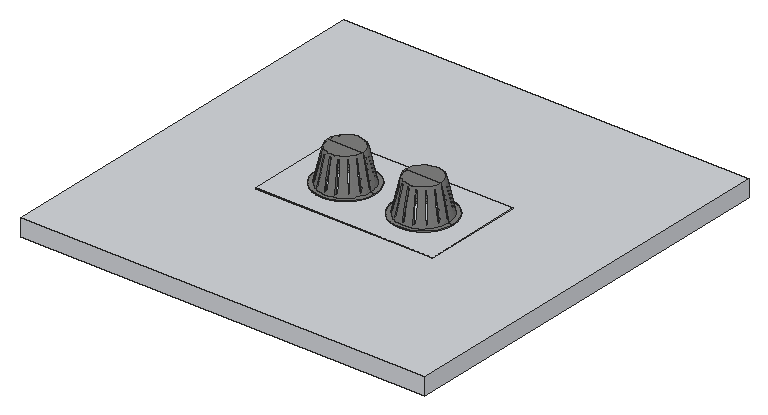
Revit family
Parameters (values of type "3"")
  URL = "WWW.MIFAB.COM"
  Top Diameter = 14.125"
  Roof Drain = Roof Drain
  R1 = 5.000"
  Pipe Radius = 1.500"
  Pipe Diameter = Pipe Radius * 2  # 3.000"
  PCD = 18.500"
  Model = "R1270-SR"
  Manufacturer = "MIFAB"
  H3 = Body Height / 3.375  # 1.81481"
  H2 = Body Height / 1.99  # 3.07789"
  H1 = Body Height / 1.53  # 4.00327"
  Description = "COMBINED LARGE SUMP ROOF DRAIN AND SECONDARY OVERFLOW DRAIN"
  Default Elevation = 48.000"
  Body Height = 6.125"
Types (7): name | Pipe Radius | Pipe Diameter | H3 | H2 | H1 | Body Height
  (no name) | 1.500" | 3.000" | 1.81481" | 3.07789" | 4.00327" | 6.125"
  4" | 2.000" | 4.000" | 1.81481" | 3.07789" | 4.00327" | 6.125"
  2" | 1.000" | 2.000" | 1.81481" | 3.07789" | 4.00327" | 6.125"
  3" | 1.500" | 3.000" | 1.81481" | 3.07789" | 4.00327" | 6.125"
  5" | 2.500" | 5.000" | 1.81481" | 3.07789" | 4.00327" | 6.125"
  6" | 3.000" | 6.000" | 2.37037" | 4.0201" | 5.22876" | 8.000"
  8" | 4.000" | 8.000" | 2.37037" | 4.0201" | 5.22876" | 8.000"
Reference planes (in)
  plane 1 "Center (Front/Back)": y = 0
  plane 2: z = 0
  plane 3 "Center (Left/Right)": x = 0
  plane 4: z = -6.125
  plane 5: z = 0.11811
  plane 6: x = -9.25
  plane 7: x = 9.25
  plane 8: y = 12
  plane 9: x = -21
  plane 10: y = -12
  plane 11: x = 21
  plane 12: z = 8
  plane 13: x = -16.3125
  plane 14: x = -2.1875
  plane 15: x = 16.3125
  plane 16: x = 2.1875
Forms (in)
  Extrusion 1, solid
    sketch origin (0, 0, 0) x (1, 0, 0) y (0, 1, 0)
      loop
        line (-48, 48) -> (-48, -48) -> (48, -48) -> (48, 48) -> (-48, 48)
    from 0 to -4
  Extrusion 2, solid
    sketch origin (0, 0, 0) x (1, 0, 0) y (0, 1, 0)
      loop
        line (-21, 12) -> (-21, -12) -> (21, -12) -> (21, 12) -> (-21, 12)
      loop
        circle (-9.25, 0) r 7.0625
      loop
        circle (9.25, 0) r 7.0625
    from 0 to 0.11811
Dimensions and locks (in)
  "Body Height": level to plane 4
  equal spacing: plane 7, plane 3 "Center (Left/Right)", plane 6
  "PCD": plane 7 to plane 6
  equal spacing: plane 9, plane 3 "Center (Left/Right)", plane 11
  plane 9 to plane 11 = 42.000"
  equal spacing: plane 8, plane 1 "Center (Front/Back)", plane 10
  plane 8 to plane 10 = 24.000"
  plane 5 to level = 0.11811"
  plane 11 to nested 2 = 11.750"
  plane 12 to level = 8.000"
  equal spacing: plane 13, plane 6, plane 14, locked at 7.0625 each
  equal spacing: plane 16, plane 7, plane 15, locked at 7.0625 each
  plane 13 to plane 14 = 14.125"
  plane 16 to plane 15 = 14.125"
  aligned and locked: plane 2 to Extrusion 1
  aligned and locked: level to Extrusion 1
  aligned and locked: plane 6 to nested 1
  aligned and locked: nested 2 to plane 7
  aligned and locked: Extrusion 2 sketch curve to plane 8
  aligned and locked: plane 9 to Extrusion 2 sketch curve
  aligned and locked: Extrusion 2 sketch curve to plane 10
  aligned and locked: plane 11 to Extrusion 2 sketch curve
  aligned and locked: Extrusion 2 to plane 5
  aligned and locked: plane 6 to Extrusion 2 sketch curve
  aligned and locked: plane 1 "Center (Front/Back)" to Extrusion 2 sketch curve  (x2)
  aligned and locked: plane 7 to Extrusion 2 sketch curve
Automatic sketch dimensions
  Extrusion 1 sketch curve to Extrusion 1 sketch curve = 96.000"  (x2)
  radius of Extrusion 2 sketch curve = 7.0625"  (x2)
Nested families (in)
  nested 1: "R1200" at (-9.25, 0, 0), type "4""
    with Pipe Radius 1.500", Pipe Diameter 3.000"
  nested 2: "R1200" at (9.25, 0, 0) x (-1, 0, 0) z (0, 0, 1), type "4""
    with Pipe Radius 1.500", Pipe Diameter 3.000"
Connectors (in)
  piping at (-9.25, 0, -6.125), driven by "Pipe Radius"
    settings: on nested 1, index 1, connector radius 1 1/2", flow factor 0, pipe flow 0 GPM, pressure drop 0.00 psi, fitting loss kfactor 0, connector angle 0.00°, fixture units 0, flow configuration 0, flow direction 2, fitting loss method 0, system type 16, connector reference index -1, connector utility 0, adjustable connector no, is connector primary yes, fitting loss table "", connector description ""
  piping at (9.25, 0, -6.125), driven by "Pipe Radius"
    settings: on nested 2, index 2, connector radius 1 1/2", flow factor 0, pipe flow 0 GPM, pressure drop 0.00 psi, fitting loss kfactor 0, connector angle 0.00°, fixture units 0, flow configuration 0, flow direction 2, fitting loss method 0, system type 16, connector reference index -1, connector utility 0, adjustable connector no, is connector primary no, fitting loss table "", connector description ""
Definition of nested family "R1200"
  Parameters (values of type "4"")
    URL = "WWW.MIFAB.COM"
    Top Diameter = 14.125"
    Roof Drain = Roof Drain
    R1 = 5.000"
    Pipe Radius = 2.000"
    Pipe Diameter = Pipe Radius * 2  # 4.000"
    Model = "R1200"
    Manufacturer = "MIFAB"
    H3 = Body Height / 3.375  # 1.81481"
    H2 = Body Height / 1.99  # 3.07789"
    H1 = Body Height / 1.53  # 4.00327"
    Description = "LARGE SUMP ROOF DRAIN WITH PARABOLIC FLOW CONTROL WEIR"
    Default Elevation = 48.000"
    Body Height = 6.125"
  Types (7): name | Pipe Radius | Pipe Diameter | H3 | H2 | H1 | Body Height
    (no name) | 2.000" | 4.000" | 1.81481" | 3.07789" | 4.00327" | 6.125"
    4" | 2.000" | 4.000" | 1.81481" | 3.07789" | 4.00327" | 6.125"
    2" | 1.000" | 2.000" | 1.81481" | 3.07789" | 4.00327" | 6.125"
    3" | 1.500" | 3.000" | 1.81481" | 3.07789" | 4.00327" | 6.125"
    5" | 2.500" | 5.000" | 1.81481" | 3.07789" | 4.00327" | 6.125"
    6" | 3.000" | 6.000" | 2.37037" | 4.0201" | 5.22876" | 8.000"
    8" | 4.000" | 8.000" | 2.37037" | 4.0201" | 5.22876" | 8.000"
  Reference planes (in)
    plane 1 "Center (Front/Back)": y = 0
    plane 2: z = 0
    plane 3 "Center (Left/Right)": x = 0
    plane 4: x = 2.2
    plane 5: x = 4.25
    plane 6: x = 4.5
    plane 7: x = 5
    plane 8: x = 7.0625
    plane 9: x = 2
    plane 10: z = -6.125
    plane 11: z = -4.00327
    plane 12: z = -3.07789
    plane 13: z = -0.2
    plane 14: z = 0.2085
    plane 15: z = -1.81481
    plane 16: x = 4.2
    plane 17: z = 8
    plane 18: x = 6
    plane 19: x = -0.25
    plane 20: x = 0.25
    plane 21: z = 7.5
    plane 22: z = 0.7085
    plane 23: z = 5.5
    plane 24: x = -7.0625
    plane 25: x = -4.2
  Forms (in)
    Extrusion 1, solid
      sketch origin (0, 0, 0) x (1, 0, 0) y (0, 1, 0)
        loop
          line (-48, 48) -> (-48, -48) -> (48, -48) -> (48, 48) -> (-48, 48)
      from 0 to -4
    Revolve 2, solid, material "Roof Drain" <- "Roof Drain"
      sketch origin (0, 0, 0) x (1, 0, 0) y (0, 0, 1)
        loop
          line (2.2, -6.125) -> (2.2, -4.00327) -> (4.25, -4.00327) -> (4.5, -0.2) -> (5, -0.2) -> (5, 0) -> (7.0625, 0) -> (7.0625, 0.2085) -> (4.31396, 0.2085) -> (4.05026, -3.80327) -> (2, -3.80327) -> (2, -6.125) -> (2.2, -6.125)
        axis (0, 0.2085) -> (0, -6.125)
      angle from 0 to 360
    Revolve 3, solid, material "Roof Drain" <- "Roof Drain"
      sketch origin (0, 0, 0) x (1, 0, 0) y (0, 0, 1)
        loop
          line (0, 8) -> (0, 7.8) -> (4.04094, 7.8) -> (5.79473, 0.2085) -> (6, 0.2085) -> (4.2, 8) -> (0, 8)
        axis (0, 0.2085) -> (0, 8)
      angle from 0 to 360
    Extrusion 4, void
      sketch origin (0, 0, 0) x (1, 0, 0) y (0, 0, 1)
        loop
          line (-0.25, 7.5) -> (-0.25, 0.7085) -> (0.25, 0.7085) -> (0.25, 7.5) -> (-0.25, 7.5)
      from -6.43838 to 6.34689
    Extrusion 5, void
      sketch origin (0, 0, 0) x (0.92388, -0.382683, 0) y (0, 0, 1)
        loop
          line (-0.25, 7.5) -> (-0.25, 0.7085) -> (0.25, 0.7085) -> (0.25, 7.5) -> (-0.25, 7.5)
      from -6.43838 to 6.34689
    Extrusion 6, void
      sketch origin (0, 0, 0) x (0.92388, 0.382683, 0) y (0, 0, 1)
        loop
          line (-0.25, 7.5) -> (-0.25, 0.7085) -> (0.25, 0.7085) -> (0.25, 7.5) -> (-0.25, 7.5)
      from -6.43838 to 6.34689
    Extrusion 7, void
      sketch origin (0, 0, 0) x (0.707107, 0.707107, 0) y (0, 0, 1)
        loop
          line (-0.25, 7.5) -> (-0.25, 0.7085) -> (0.25, 0.7085) -> (0.25, 7.5) -> (-0.25, 7.5)
      from -6.43838 to 6.34689
    Extrusion 8, void
      sketch origin (0, 0, 0) x (0.382683, 0.92388, 0) y (0, 0, 1)
        loop
          line (-0.25, 7.5) -> (-0.25, 0.7085) -> (0.25, 0.7085) -> (0.25, 7.5) -> (-0.25, 7.5)
      from -6.43838 to 6.34689
    Extrusion 9, void
      sketch origin (0, 0, 0) x (0, 1, 0) y (0, 0, 1)
        loop
          line (-0.25, 7.5) -> (-0.25, 0.7085) -> (0.25, 0.7085) -> (0.25, 7.5) -> (-0.25, 7.5)
      from -6.43838 to 6.34689
    Extrusion 10, void
      sketch origin (0, 0, 0) x (-0.382683, 0.92388, 0) y (0, 0, 1)
        loop
          line (-0.25, 7.5) -> (-0.25, 0.7085) -> (0.25, 0.7085) -> (0.25, 7.5) -> (-0.25, 7.5)
      from -6.43838 to 6.34689
    Extrusion 11, void
      sketch origin (0, 0, 0) x (-0.707107, 0.707107, 0) y (0, 0, 1)
        loop
          line (-0.25, 7.5) -> (-0.25, 0.7085) -> (0.25, 0.7085) -> (0.25, 7.5) -> (-0.25, 7.5)
      from -6.43838 to 6.34689
  Cuts and joins
    Extrusion 4, Extrusion 5, Extrusion 6, Extrusion 7, Extrusion 8, Extrusion 9, Extrusion 10, Extrusion 11 cuts Revolve 3
  Dimensions and locks (in)
    "Pipe Radius": plane 9 to plane 3 "Center (Left/Right)"
    locked: plane 4 to plane 9 at 0.2
    "R1": plane 7 to plane 3 "Center (Left/Right)"
    locked: plane 5 to plane 3 "Center (Left/Right)" at 4.25
    locked: plane 6 to plane 3 "Center (Left/Right)" at 4.5
    "Body Height": level to plane 10
    level to plane 13 = 0.200"
    "H3": level to plane 15
    "H2": Extrusion 1 to plane 12
    "H1": level to plane 11
    locked: plane 17 to level at 8
    locked: plane 18 to plane 3 "Center (Left/Right)" at 6
    locked: plane 17 to Revolve 3 sketch curve at 0.2
    locked: Revolve 3 sketch curve to Revolve 3 sketch curve at 0.2
    locked: Revolve 2 sketch curve to Revolve 2 sketch curve at 0.2
    locked: Revolve 2 sketch curve to Revolve 2 sketch curve at 0.21243
    plane 17 to plane 21 = 0.500"
    locked: plane 22 to plane 14 at 0.5
    plane 23 to level = 5.500"
    equal spacing: plane 24, plane 3 "Center (Left/Right)", plane 8
    "Top Diameter": plane 24 to plane 8
    plane 25 to plane 16 = 8.400"
    plane 25 to plane 3 "Center (Left/Right)" to plane 16 = 4.200" locked, 4.200" locked
    aligned and locked: plane 2 to Extrusion 1
    aligned and locked: level to Extrusion 1
    aligned and locked: Revolve 2 sketch curve to plane 10
    aligned and locked: Revolve 2 sketch curve to plane 4
    aligned and locked: Revolve 2 sketch curve to plane 13
    aligned and locked: Revolve 2 sketch curve to plane 7
    aligned and locked: Extrusion 1 to Revolve 2 sketch curve
    aligned and locked: Revolve 2 sketch curve to plane 8
    aligned and locked: Revolve 2 sketch curve to plane 14
    aligned and locked: Revolve 2 sketch curve to plane 3 "Center (Left/Right)"
    aligned and locked: plane 9 to Revolve 2 sketch curve
    aligned and locked: Revolve 2 sketch curve to plane 11
    aligned and locked: plane 3 "Center (Left/Right)" to Revolve 3 sketch curve  (x2)
    aligned and locked: Revolve 3 sketch curve to plane 17
    aligned and locked: plane 16 to Revolve 3 sketch curve
    aligned and locked: Revolve 3 sketch curve to plane 14
  Automatic sketch dimensions
    Extrusion 1 sketch curve to Extrusion 1 sketch curve = 96.000"  (x2)
    Revolve 3 sketch curve to plane 18 = 0.000"
    Revolve 3 sketch curve to Revolve 3 sketch curve = 5.000"
    Revolve 3 sketch curve to Revolve 3 sketch curve = 1.750"
    Extrusion 4 sketch curve to Extrusion 4 sketch curve = 0.500"
    Extrusion 4 sketch curve to Extrusion 4 sketch curve = 6.7915"
    Extrusion 5 sketch curve to Extrusion 5 sketch curve = 0.500"
    Extrusion 5 sketch curve to Extrusion 5 sketch curve = 6.7915"
    Extrusion 6 sketch curve to Extrusion 6 sketch curve = 0.500"
    Extrusion 6 sketch curve to Extrusion 6 sketch curve = 6.7915"
    Extrusion 7 sketch curve to Extrusion 7 sketch curve = 0.500"
    Extrusion 7 sketch curve to Extrusion 7 sketch curve = 6.7915"
    Extrusion 8 sketch curve to Extrusion 8 sketch curve = 0.500"
    Extrusion 8 sketch curve to Extrusion 8 sketch curve = 6.7915"
    Extrusion 9 sketch curve to Extrusion 9 sketch curve = 0.500"
    Extrusion 9 sketch curve to Extrusion 9 sketch curve = 6.7915"
    Extrusion 10 sketch curve to Extrusion 10 sketch curve = 0.500"
    Extrusion 10 sketch curve to Extrusion 10 sketch curve = 6.7915"
    Extrusion 11 sketch curve to Extrusion 11 sketch curve = 0.500"
    Extrusion 11 sketch curve to Extrusion 11 sketch curve = 6.7915"
    Revolve 2 sketch curve to plane 5 = 0.000"
    Revolve 2 sketch curve to plane 6 = 0.000"
    plane 10 to Revolve 2 sketch curve = 5.000"
    Revolve 2 sketch curve to Revolve 2 sketch curve = 11.000"
  Connectors (in)
    piping at (0, 0, -6.125), driven by "Pipe Radius"
      settings: on Revolve 2, index 1, connector radius 2", flow factor 0, pipe flow 0 GPM, pressure drop 0.00 psi, fitting loss kfactor 0, connector angle 0.00°, fixture units 0, flow configuration 0, flow direction 2, fitting loss method 0, system type 16, connector reference index -1, connector utility 0, adjustable connector no, is connector primary yes, fitting loss table "", connector description ""
